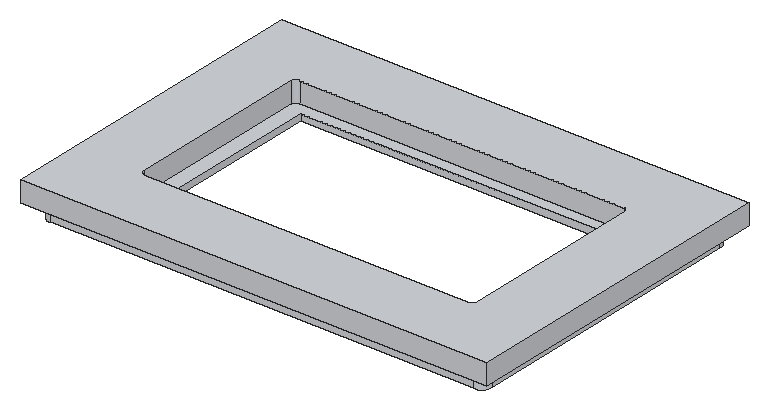
Revit family "Gira_1001126", category Electrical Fixtures, host Face, Revit 2017
Family settings
  Host = Face
  Maintain Annotation Orientation = No
  Round Connector Dimension = Use Diameter
  Part Type = Normal
  Cut with Voids When Loaded = No
  Shared = No
  Room Calculation Point = No
Parameters (values of type "Cov.fr. 1.5-g Gira Esprit alum.black")
  With mounting grid = "No"
  With hinged lid = "No"
  URL = "http://katalog.gira.de/en/datenblatt.html?artikelnr=1001126"
  Type of fastening = "Clamp mounting"
  Transparent = "No"
  Surface protection = "Other"
  Suitable for wall duct = "No"
  Suitable for flush-mounted installation = "Yes"
  Suitable for floor box = "No"
  Suitable for built-in installation = "No"
  Number of units vertical = "1,5"
  Number of units horizontal = "1,5"
  Number of units = "1"
  Name = "Cov.fr. 1.5-g Gira Esprit alum.black"
  Mounting direction = "Horizontal and vertical"
  Material quality = "Aluminium"
  Material = "Metal"
  Manufacturer URL = "https://www.gira.de/"
  Manufacturer = "Gira"
  Label space/information surface = "No"
  Keynote = ""
  HeinzeBIM = "https://bimportal.heinze.de/bim/cov-fr-1-5-g-gira-esprit-alum-black/413b043ac725001502a6a8fa041a458b31742521"
  Halogen free = "No"
  HAN = "1001126"
  GTIN = "4010337881605"
  Description = "Cov.fr.1.5g Espr. AlBk,Gira Esprit cover frame,aluminium black,1.5-gang,Features:,- Anodised aluminium E 1. Colour deviations are possible."
  Degree of protection (IP) = "IP20"
  Default Elevation = 1219.2 mm
  Data sheet (1) = "https://katalog.gira.de/en/download.html?artikelnr=1001126"
  Colour = "Black"
  Category = "Cover frame for domestic switching devices"
  BIM (1) = "https://media.stage.bim.site/public/gira/36a6b08/Espr._Rahmen_1,5fach.rfa"
  Available = "No"
Reference planes
  plane 1 "Center (Front/Back)": y = 0
  plane 2: z = 0
  plane 3 "Center (Left/Right)": x = 0
Forms (mm)
  Extrusion 1, solid, detail levels fine
    sketch origin (0, 0, 0) x (1, 0, 0) y (0, 1, 0)
      loop
        line (-67.75, 47.5) -> (-67.75, -47.5) -> (67.75, -47.5) -> (67.75, 47.5) -> (-67.75, 47.5)
      loop
        arc (-48.5, -26.7) -> (-48.061, -27.761) -> (-47, -28.2) r 1.5
        line (-47, -28.2) -> (47, -28.2)
        arc (47, -28.2) -> (48.061, -27.761) -> (48.5, -26.7) r 1.5
        line (48.5, -26.7) -> (48.5, 26.7)
        arc (48.5, 26.7) -> (48.061, 27.761) -> (47, 28.2) r 1.5
        line (47, 28.2) -> (-47, 28.2)
        arc (-47, 28.2) -> (-48.061, 27.761) -> (-48.5, 26.7) r 1.5
        line (-48.5, 26.7) -> (-48.5, -26.7)
    from 0 to 6
  Extrusion 2, solid, detail levels fine
    sketch origin (0, 0, 0) x (1, 0, 0) y (0, 1, 0)
      loop
        arc (-61.479, 44.4) -> (-63.615, 43.515) -> (-64.5, 41.379) r 3.021
        line (-64.5, 41.379) -> (-64.5, -41.379)
        arc (-64.5, -41.379) -> (-63.615, -43.515) -> (-61.479, -44.4) r 3.021
        line (-61.479, -44.4) -> (61.479, -44.4)
        arc (61.479, -44.4) -> (63.615, -43.515) -> (64.5, -41.379) r 3.021
        line (64.5, -41.379) -> (64.5, 41.379)
        arc (64.5, 41.379) -> (63.615, 43.515) -> (61.479, 44.4) r 3.021
        line (61.479, 44.4) -> (-61.479, 44.4)
      loop
        arc (-61.4, 43.1) -> (-62.673, 42.573) -> (-63.2, 41.3) r 1.8
        line (-63.2, 41.3) -> (-63.2, -41.4)
        arc (-63.2, -41.4) -> (-62.673, -42.673) -> (-61.4, -43.2) r 1.8
        line (-61.4, -43.2) -> (61.4, -43.2)
        arc (61.4, -43.2) -> (62.673, -42.673) -> (63.2, -41.4) r 1.8
        line (63.2, -41.4) -> (63.2, 41.3)
        arc (63.2, 41.3) -> (62.673, 42.573) -> (61.4, 43.1) r 1.8
        line (61.4, 43.1) -> (-61.4, 43.1)
    from -4.1 to 0
  Extrusion 3, solid, detail levels fine
    sketch origin (0, 0, 0) x (1, 0, 0) y (0, 1, 0)
      loop
        arc (-63.2, -41.4) -> (-62.673, -42.673) -> (-61.4, -43.2) r 1.8
        line (-61.4, -43.2) -> (61.4, -43.2)
        arc (61.4, -43.2) -> (62.673, -42.673) -> (63.2, -41.4) r 1.8
        line (63.2, -41.4) -> (63.2, 41.3)
        arc (63.2, 41.3) -> (62.673, 42.573) -> (61.4, 43.1) r 1.8
        line (61.4, 43.1) -> (-61.4, 43.1)
        arc (-61.4, 43.1) -> (-62.673, 42.573) -> (-63.2, 41.3) r 1.8
        line (-63.2, 41.3) -> (-63.2, -41.4)
      loop
        line (44, -24.75) -> (44, 24.75) -> (-44, 24.75) -> (-44, -24.75) -> (44, -24.75)
    from -1.9 to 0
  Extrusion 4, solid, detail levels medium
    sketch origin (0, 0, 0) x (1, 0, 0) y (0, 1, 0)
      loop
        line (-67.75, 47.5) -> (-67.75, -47.5) -> (67.75, -47.5) -> (67.75, 47.5) -> (-67.75, 47.5)
    from 0 to 6
  Extrusion 5, solid, detail levels medium
    sketch origin (0, 0, 0) x (1, 0, 0) y (0, 1, 0)
      loop
        line (-64.5, 44.4) -> (-64.5, -44.4) -> (64.5, -44.4) -> (64.5, 44.4) -> (-64.5, 44.4)
    from -4.1 to 0
  Extrusion 6, solid, detail levels coarse
    sketch origin (0, 0, 0) x (1, 0, 0) y (0, 1, 0)
      loop
        line (-67.75, 47.5) -> (-67.75, -47.5) -> (67.75, -47.5) -> (67.75, 47.5) -> (-67.75, 47.5)
    from -4.1 to 6
Dimensions and locks
  aligned and locked: plane 2 to host face
  aligned and locked: level to host face
